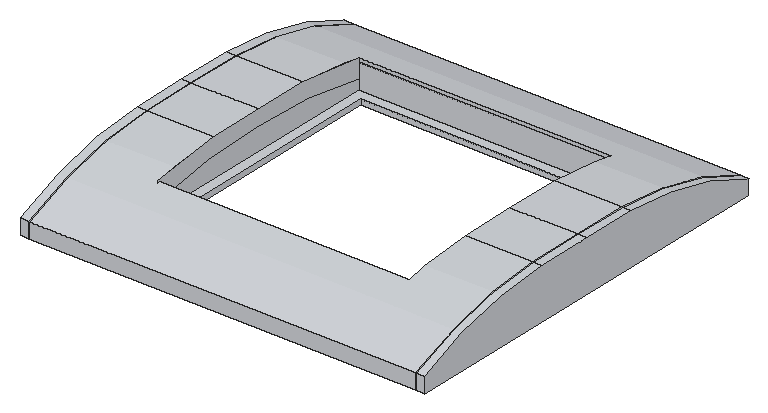
Revit family "Gira_1002328", category Electrical Fixtures, host Face, Revit 2017
Family settings
  Host = Face
  Maintain Annotation Orientation = No
  Round Connector Dimension = Use Diameter
  Part Type = Normal
  Cut with Voids When Loaded = No
  Shared = No
  Room Calculation Point = No
Parameters (values of type "Cov.fr. 2-g w/o cb interm.fr. PW Gira Event anthra.")
  With mounting grid = "No"
  With hinged lid = "No"
  URL = "http://katalog.gira.de/en/datenblatt.html?artikelnr=1002328"
  Type of fastening = "Clamp mounting"
  Transparent = "No"
  Surface protection = "Other"
  Suitable for wall duct = "No"
  Suitable for flush-mounted installation = "Yes"
  Suitable for floor box = "No"
  Suitable for built-in installation = "No"
  Number of units vertical = "2"
  Number of units horizontal = "2"
  Number of units = "2"
  Name = "Cov.fr. 2-g w/o cb interm.fr. PW Gira Event anthra."
  Mounting direction = "Horizontal and vertical"
  Material quality = "Thermoplastic"
  Material = "Plastic"
  Manufacturer URL = "https://www.gira.de/"
  Manufacturer = "Gira"
  Label space/information surface = "No"
  Keynote = ""
  HeinzeBIM = "https://bimportal.heinze.de/bim/cov-fr-2-g-w-o-cb-interm-fr-pw-gira-event-anthra-/42a58ad2a40a2d6605b4e1d2f05cbb83b22c7e2e"
  Halogen free = "Yes"
  HAN = "1002328"
  GTIN = "4010337074304"
  Description = "Cov.fr.2g w o cb i.fr.PW Event AN,Gira Event frames,anthracite with pure white glossy intermediate frame,2-gang without crossbar,Features:,- Shatter-proof."
  Degree of protection (IP) = "IP20"
  Default Elevation = 1219.2 mm
  Data sheet (1) = "https://katalog.gira.de/en/download.html?artikelnr=1002328"
  Colour = "Anthracite"
  Category = "Cover frame for domestic switching devices"
  BIM (1) = "https://media.stage.bim.site/public/gira/36a6b08/Event_Rahmen_2fach o.Mittelsteg.rfa?public/gira/36a6b08/Event_Rahmen_2fach o.Mittelsteg.rfa"
  Available = "No"
Reference planes
  plane 1 "Center (Front/Back)": y = 0
  plane 2: z = 0
  plane 3 "Center (Left/Right)": x = 0
Forms (mm)
  Extrusion 1, solid, detail levels fine
    sketch origin (0, 0, 1.55) x (0, 1, 0) y (0, 0, 1)
      loop
        arc (12.445, 9.683) -> (6.223, 9.833) -> (0, 9.85) r 291.636
        arc (0, 9.85) -> (-6.223, 9.833) -> (-12.445, 9.683) r 291.636
        arc (-12.445, 9.683) -> (-29.14, 7.482) -> (-45, 1.823) r 79.728
        line (-45, 1.823) -> (-45, -1.55) -> (-41.777, -1.55) -> (-41.777, -0.55)
        arc (-41.777, -0.55) -> (-21.205, 4.846) -> (0, 6.467) r 118.15
        arc (0, 6.467) -> (21.205, 4.846) -> (41.777, -0.55) r 118.15
        line (41.777, -0.55) -> (41.777, -1.55) -> (45, -1.55) -> (45, 1.823)
        arc (45, 1.823) -> (29.14, 7.482) -> (12.445, 9.683) r 79.728
    from -43 to 43
  Extrusion 2, void, detail levels fine
    sketch origin (0, 0, 0) x (1, 0, 0) y (0, 1, 0)
      loop
        line (-28, -28) -> (28, -28) -> (28, 28) -> (-28, 28) -> (-28, -28)
    from 2.85 to 12
  Extrusion 3, solid, detail levels coarse
    sketch origin (0, 0, 0) x (1, 0, 0) y (0, 1, 0)
      loop
        line (-45, 45) -> (-45, -45) -> (45, -45) -> (45, 45) -> (-45, 45)
    from 0 to 11.4
  Extrusion 4, solid, detail levels medium
    sketch origin (0, 0, 1.55) x (0, 1, 0) y (0, 0, 1)
      loop
        arc (12.445, 9.683) -> (6.223, 9.833) -> (0, 9.85) r 291.636
        arc (0, 9.85) -> (-6.223, 9.833) -> (-12.445, 9.683) r 291.636
        arc (-12.445, 9.683) -> (-29.14, 7.482) -> (-45, 1.823) r 79.728
        line (-45, 1.823) -> (-45, -1.55) -> (45, -1.55) -> (45, 1.823)
        arc (45, 1.823) -> (29.14, 7.482) -> (12.445, 9.683) r 79.728
    from -45 to 45
  Extrusion 5, solid, detail levels fine
    sketch origin (0, 0, 0) x (0, 1, 0) y (0, 0, 1)
      loop
        arc (45, 3.373) -> (29.14, 9.032) -> (12.445, 11.233) r 79.728
        arc (12.445, 11.233) -> (6.223, 11.383) -> (0, 11.4) r 291.636
        arc (0, 11.4) -> (-6.223, 11.383) -> (-12.445, 11.233) r 291.636
        arc (-12.445, 11.233) -> (-29.14, 9.032) -> (-45, 3.373) r 79.728
        line (-45, 3.373) -> (-45, 0) -> (45, 0) -> (45, 3.373)
    from 43 to 45
  Extrusion 6, solid, detail levels fine
    sketch origin (0, 0, 0) x (0, 1, 0) y (0, 0, -1)
      loop
        line (45, -3.373) -> (45, 0) -> (-45, 0) -> (-45, -3.373)
        arc (-45, -3.373) -> (-29.14, -9.032) -> (-12.445, -11.233) r 79.728
        arc (-12.445, -11.233) -> (-6.223, -11.383) -> (0, -11.4) r 291.636
        arc (0, -11.4) -> (6.223, -11.383) -> (12.445, -11.233) r 291.636
        arc (12.445, -11.233) -> (29.14, -9.032) -> (45, -3.373) r 79.728
    from 43 to 45
  Extrusion 7, solid, detail levels fine
    sketch origin (0, 0, 0) x (1, 0, 0) y (0, 1, 0)
      loop
        line (-25.7, 25.7) -> (-25.7, -25.7) -> (25.7, -25.7) -> (25.7, 25.7) -> (-25.7, 25.7)
      loop
        line (-29.495, 27.895) -> (-29.495, -27.895)
        spline (-29.495, -27.895) -> (-29.486, -28.025) -> (-29.461, -28.154) -> (-29.419, -28.278) -> (-29.361, -28.395) -> (-29.288, -28.504) -> (-29.202, -28.602) -> (-29.104, -28.688) -> (-28.995, -28.761) -> (-28.878, -28.819) -> (-28.754, -28.861) -> (-28.625, -28.886) -> (-28.495, -28.895)
        line (-28.495, -28.895) -> (28.495, -28.895)
        spline (28.495, -28.895) -> (28.625, -28.886) -> (28.754, -28.861) -> (28.878, -28.819) -> (28.995, -28.761) -> (29.104, -28.688) -> (29.202, -28.602) -> (29.288, -28.504) -> (29.361, -28.395) -> (29.419, -28.278) -> (29.461, -28.154) -> (29.486, -28.025) -> (29.495, -27.895)
        line (29.495, -27.895) -> (29.495, 27.895)
        spline (29.495, 27.895) -> (29.486, 28.025) -> (29.461, 28.154) -> (29.419, 28.278) -> (29.361, 28.395) -> (29.288, 28.504) -> (29.202, 28.602) -> (29.104, 28.688) -> (28.995, 28.761) -> (28.878, 28.819) -> (28.754, 28.861) -> (28.625, 28.886) -> (28.495, 28.895)
        line (28.495, 28.895) -> (-28.495, 28.895)
        spline (-28.495, 28.895) -> (-28.625, 28.886) -> (-28.754, 28.861) -> (-28.878, 28.819) -> (-28.995, 28.761) -> (-29.104, 28.688) -> (-29.202, 28.602) -> (-29.288, 28.504) -> (-29.361, 28.395) -> (-29.419, 28.278) -> (-29.461, 28.154) -> (-29.486, 28.025) -> (-29.495, 27.895)
    from 1.673 to 8.5
Cuts and joins
  Extrusion 2 cuts Extrusion 1
  Extrusion 2 cuts Extrusion 7
Dimensions and locks
  aligned and locked: plane 2 to host face
  aligned and locked: level to host face
